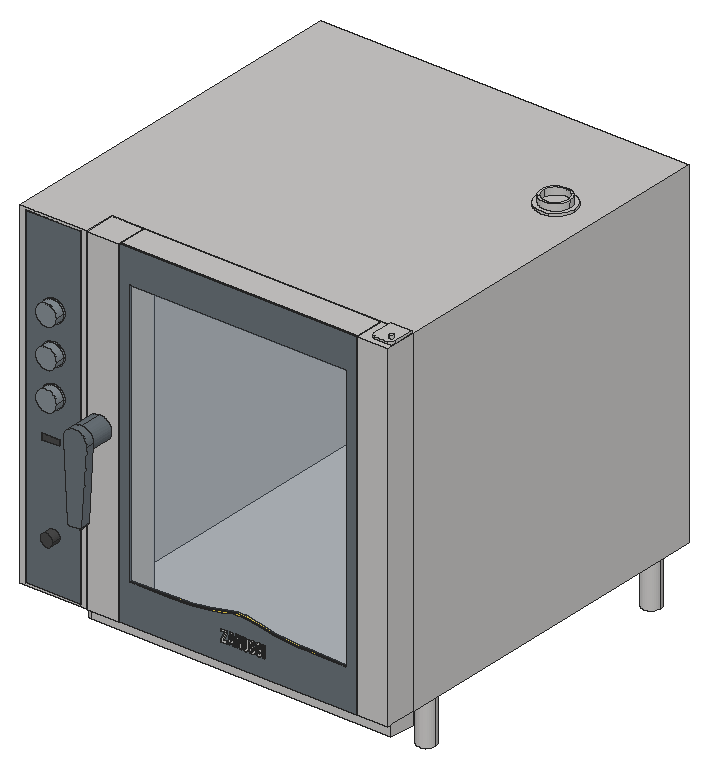
Revit family "QF_ZANUSSI_240454_ZFCE11CSDS", category Specialty Equipment, Revit 2023
Family settings
  Round Connector Dimension = Use Diameter
  Part Type = Normal
  Work Plane-Based = No
  Enable Cutting in Views = No
  Always vertical = Yes
  Cut with Voids When Loaded = No
  Maintain Annotation Orientation = No
  Shared = No
  Room Calculation Point = No
Parameters (values of type "Standard")
  Weight = 121.20 kg
  Watts = 0 W
  Volts = 380 V
  URL Manufacturer = "http://www.zanussiprofessional.com"
  URL = "http://www.zanussiprofessional.com"
  Steam Supply Size = 0 mm
  Steam Supply Minimum Pressure = 0.0 Pa
  Steam Supply Maximum Pressure = 0.0 Pa
  Steam Consumption per Hour = 0
  Show Logo [instance] = yes
  Show Clearance [instance] = yes
  Refrigeration Suction Line Size = 0 mm
  Refrigeration Liquid Line Size = 0 mm
  Refrigerant Compressor Remote = yes
  Default Elevation = 0 mm
  Manufacturer = "Zanussi"
  Phase = 3
  Model = "ZFCE11CSDS"
  Length Actual = 890 mm
  Item Number = "240454"
  Hot Water Size = 0 mm
  Height Actual = 970 mm
  HP = "23.2 HP"
  Gas Size = 12.7 mm
  Gas KW = 0
  Gas Input Pressure = 0.0585289 W
  Direct Waste Size = 25 mm
  Description = "CONVECTION OVEN CW 10 GN 1/1 - ELECTRIC"
  Depth Actual = 900 mm
  Cycle = 50 Hz
  Condensate Return Size = 0 mm
  Compressed Air Volume = 0.0 L/s
  Compressed Air Size = 0 mm
  Compressed Air Pressure = 0.0 Pa
  Cold Water Size = 19.05 mm
  Accessory = no
Reference planes
  plane 1 "Center X": y = 96.351
  plane 2: z = 0
  plane 3 "Center Y": x = -330
  plane 4 "LEFT": x = -775
  plane 5 "BACK": y = 551.351
  plane 6 "RIGHT": x = 115
  plane 7 "FRONT": y = -358.649
  plane 8 "FeetLeft": x = -725
  plane 9: y = 501.351
  plane 10 "DoorDepth": y = -283.649
  plane 11 "FeetRight": x = 65
  plane 12 "BASE": z = 130
  plane 13 "TOP": z = 950
  plane 14: z = 0
  plane 15 "1": y = 274.351
  plane 16 "FeetFront": y = -178.649
  plane 17: z = 1018
  plane 18: y = -433.649
  plane 19 "Drain_X": x = -349
  plane 20 "Drain_Y": y = 256.351
  plane 21 "EI_x": x = -676
  plane 22 "EI_y": y = -99.649
  plane 23 "CWI_x": x = -659
  plane 24: y = -1044.649
  plane 25: y = 72.351
  plane 26: x = 15
Forms (mm)
  Extrusion 1, solid, material "QF_Finishes_Stainless Steel"
    sketch origin (0, 73.5, 130) x (-1, 0, 0) y (0, -1, 0)
      loop
        circle (659, 1.149) r 13.2
    from -5 to 0
  Extrusion 2, solid, material "QF_Finishes_Stainless Steel"
    sketch origin (0, 57.5, 130) x (-1, 0, 0) y (0, -1, 0)
      loop
        circle (676, 157.149) r 13.25
    from -5 to 0
  Extrusion 3, solid, material "QF_Finishes_Stainless Steel"
    sketch origin (89, -125, 130) x (-1, 0, 0) y (0, -1, 0)
      loop
        circle (438, -381.351) r 13.25
    from -5 to 0
  Extrusion 4, solid, material "QF_Finishes_Black"
    sketch origin (0, -358.649, 77) x (-1, 0, 0) y (0, 0, 1)
      loop
        circle (693.941, 183.023) r 15
    from 0 to -20
  Extrusion 5, solid, material "QF_Finishes_Zanussi_Soft Gray"
    sketch origin (0, -358.649, -96) x (-1, 0, 0) y (0, 0, 1)
      loop
        circle (693, 845.824) r 26.676
    from 0 to -3
  Blend 6, solid, material "QF_Finishes_Zanussi_Soft Gray"
    base sketch origin (0, -358.649, -96) x (-1, 0, 0) y (0, 0, 1)
      loop
        circle (693, 845.824) r 25
    top sketch origin (0, -358.649, -96) x (-1, 0, 0) y (0, 0, 1)
      loop
        circle (693, 845.824) r 24.8
    from -3 to -23
  Extrusion 7, solid, material "QF_Finishes_Zanussi_Soft Gray"
    sketch origin (0, -358.649, -105) x (-1, 0, 0) y (0, 0, 1)
      loop
        circle (693, 760.824) r 26.676
    from 0 to -3
  Blend 8, solid, material "QF_Finishes_Zanussi_Soft Gray"
    base sketch origin (0, -358.649, -105) x (-1, 0, 0) y (0, 0, 1)
      loop
        circle (693, 760.824) r 25
    top sketch origin (0, -358.649, -105) x (-1, 0, 0) y (0, 0, 1)
      loop
        circle (693, 760.824) r 24.8
    from -3 to -23
  Extrusion 9, solid, material "QF_Finishes_Zanussi_Soft Gray"
    sketch origin (0, -358.649, 183) x (-1, 0, 0) y (0, 0, 1)
      loop
        circle (693, 380.824) r 26.676
    from 0 to -3
  Blend 10, solid, material "QF_Finishes_Zanussi_Soft Gray"
    base sketch origin (0, -358.649, 183) x (-1, 0, 0) y (0, 0, 1)
      loop
        circle (693, 380.824) r 25
    top sketch origin (0, -358.649, 183) x (-1, 0, 0) y (0, 0, 1)
      loop
        circle (693, 380.824) r 24.8
    from -3 to -23
  Extrusion 11, solid, material "QF_Finishes_Stainless Steel"
    sketch origin (0, 0, 130) x (-1, 0, 0) y (0, -1, 0)
      loop
        line (775, -551.351) -> (775, 358.649) -> (613, 358.649) -> (613, 283.649) -> (-115, 283.649) -> (-115, -551.351) -> (775, -551.351)
    from 820 to 0
  Extrusion 12, solid, material "QF_Finishes_Zanussi_Dark Gray"
    sketch origin (0, -358.649, 0) x (-1, 0, 0) y (0, 0, 1)
      loop
        line (760, 945) -> (628, 945) -> (628, 135) -> (760, 135) -> (760, 945)
      loop
        line (678.941, 475.023) -> (678.941, 460.023) -> (720.941, 460.023) -> (720.941, 475.023) -> (678.941, 475.023)
    from 0 to 5
  Extrusion 13, void
    sketch origin (0, -358.649, 0) x (-1, 0, 0) y (0, 0, 1)
      loop
        line (760, 945) -> (628, 945) -> (628, 135) -> (760, 135) -> (760, 945)
    from 0 to 5
  Extrusion 14, void
    sketch origin (0, -358.649, 0) x (-1, 0, 0) y (0, 0, 1)
      loop
        line (-87.826, 145) -> (610, 145) -> (610, 930) -> (-87.826, 930) -> (-87.826, 145)
    from 883.561 to 75
  Extrusion 15, solid, material "QF_Finishes_Black"
    sketch origin (-5, -358.649, 195) x (-1, 0, 0) y (0, 0, 1)
      loop
        line (715.941, 280.023) -> (673.941, 280.023) -> (673.941, 265.023) -> (715.941, 265.023) -> (715.941, 280.023)
    from 5 to 0
  Extrusion 16, solid, material "QF_Clearances", detail levels coarse
    sketch origin (0, 0, 0) x (1, 0, 0) y (0, 1, 0)
      loop
        line (-825, -358.649) -> (-775, -358.649) -> (-775, 551.351) -> (115, 551.351) -> (115, -358.649) -> (165, -358.649) -> (165, 601.351) -> (-825, 601.351) -> (-825, -358.649)
    from 950 to 0
  Extrusion 17, solid, material "QF_Finishes_Stainless Steel"
    sketch origin (0, 0, 950) x (-1, 0, 0) y (0, -1, 0)
      loop
        circle (-15, -274.351) r 45
    from 5 to 0
  Extrusion 18, solid, material "QF_Finishes_Stainless Steel"
    sketch origin (0, 0, 950) x (-1, 0, 0) y (0, -1, 0)
      loop
        circle (-15, -274.351) r 35
      loop
        circle (-15, -274.351) r 30
    from 5 to 20.369
Cuts and joins
  Extrusion 13, Extrusion 14 cuts Extrusion 11
Lines and regions (mm)
  symbolic lines
    curve 1: line (-775, -358.649, 1620) -> (-775, 551.351, 1620)
    curve 2: line (-775, 551.351, 1620) -> (115, 551.351, 1620)
    curve 3: line (-613, -283.649, 1620) -> (115, -283.649, 1620)
    curve 4: line (-613, -283.649, 1620) -> (-613, -358.649, 1620)
    curve 5: line (-775, -358.649, 1620) -> (-613, -358.649, 1620)
    curve 6: line (-719.676, -361.649, 1620) -> (-666.324, -361.649, 1620)
    curve 7: line (-719.676, -361.649, 1620) -> (-719.676, -358.649, 1620)
    curve 8: line (-666.324, -361.649, 1620) -> (-666.324, -358.649, 1620)
    curve 9: line (115, 551.351, 1620) -> (115, -358.649, 1620)
    curve 10: line (-717.863, -381.649, 684) -> (-668.2, -381.649, 684)
    curve 11: line (-717.863, -381.649, 684) -> (-718, -361.649, 684)
    curve 12: line (-668.2, -381.649, 684) -> (-668, -361.649, 684)
    curve 18: circle (15, 274.351, 633) r 45 normal (0, 0, 1)
    curve 19: circle (15, 274.351, 633) r 35 normal (0, 0, 1)
    curve 20: circle (15, 274.351, 633) r 30 normal (0, 0, -1)
  symbolic lines, style "QF_Clearances", detail levels coarse
    curve 13: line (-825, -358.649, 0) -> (-825, 601.351, 0)
    curve 14: line (-825, 601.351, 0) -> (165, 601.351, 0)
    curve 15: line (165, 601.351, 0) -> (165, -358.649, 0)
    curve 16: line (165, -358.649, 0) -> (115, -358.649, 0)
    curve 17: line (-825, -358.649, 0) -> (-768.438, -358.649, 0)
Dimensions and locks
  equal spacing: plane 4 "LEFT", plane 3 "Center Y", plane 6 "RIGHT"
  equal spacing: plane 5 "BACK", plane 1 "Center X", plane 7 "FRONT"
  plane 12 "BASE" to plane 14 = 130 mm
  plane 13 "TOP" to plane 12 "BASE" = 820 mm
  plane 13 "TOP" to plane 14 = 950 mm
  plane 5 "BACK" to plane 9 = 50 mm
  plane 9 to plane 16 "FeetFront" = 680 mm
  locked: plane 16 "FeetFront" to plane 7 "FRONT" at 180
  plane 17 to plane 13 "TOP" to plane 12 "BASE" to level = 68 mm, 820 mm, 130 mm
  plane 17 to level = 1018 mm  (x2)
  plane 7 "FRONT" to plane 18 = 75 mm
  plane 5 "BACK" to plane 20 "Drain_Y" = 295 mm
  plane 4 "LEFT" to plane 19 "Drain_X" = 426 mm
  locked: plane 4 "LEFT" to plane 21 "EI_x" at 99
  plane 5 "BACK" to plane 22 "EI_y" = 651 mm
  plane 4 "LEFT" to plane 23 "CWI_x" = 116 mm
  plane 5 "BACK" to plane 15 "1" = 277 mm
  plane 5 "BACK" to plane 24 = 1596 mm
  plane 5 "BACK" to plane 25 = 479 mm
  locked: plane 10 "DoorDepth" to plane 7 "FRONT" at 75
  plane 8 "FeetLeft" to plane 4 "LEFT" = 50 mm
  plane 6 "RIGHT" to plane 11 "FeetRight" = 50 mm
  plane 11 "FeetRight" to plane 8 "FeetLeft" = 790 mm
  plane 5 "BACK" to plane 7 "FRONT" = 910 mm
  plane 4 "LEFT" to plane 6 "RIGHT" = 890 mm
  plane 26 to plane 6 "RIGHT" = 100 mm
  aligned and locked: level to plane 2
  aligned and locked: plane 12 "BASE" to nested 1
  aligned and locked: plane 12 "BASE" to nested 2
  aligned and locked: plane 12 "BASE" to nested 4
  aligned and locked: plane 12 "BASE" to nested 3
  aligned and locked: nested 5 to plane 10 "DoorDepth"
  aligned and locked: nested 5 to plane 12 "BASE"
  aligned and locked: plane 6 "RIGHT" to nested 5
  aligned and locked: plane 8 "FeetLeft" to nested 4
  aligned and locked: plane 11 "FeetRight" to nested 2
  aligned and locked: plane 11 "FeetRight" to nested 3
  aligned and locked: nested 4 to plane 9
  aligned and locked: nested 3 to plane 9
  aligned and locked: plane 16 "FeetFront" to nested 1
  aligned and locked: plane 16 "FeetFront" to nested 2
Automatic sketch dimensions
  Extrusion 2 sketch curve to plane 21 "EI_x" = 0 mm
  Extrusion 2 sketch curve to plane 22 "EI_y" = 0 mm
  Extrusion 3 sketch curve to plane 19 "Drain_X" = 0 mm
  Extrusion 3 sketch curve to plane 20 "Drain_Y" = 0 mm
  plane 12 "BASE" to Extrusion 4 sketch curve = 130.023 mm
  Extrusion 5 sketch curve to plane 13 "TOP" = 200.176 mm
  Blend 6 sketch curve to plane 13 "TOP" = 200.176 mm  (x2)
  Extrusion 7 sketch curve to plane 13 "TOP" = 294.176 mm
  Blend 8 sketch curve to plane 13 "TOP" = 294.176 mm  (x2)
  plane 12 "BASE" to Extrusion 9 sketch curve = 433.824 mm
  plane 12 "BASE" to Blend 10 sketch curve = 433.824 mm  (x2)
  Extrusion 11 sketch curve to plane 5 "BACK" = 0 mm
  Extrusion 11 sketch curve to plane 6 "RIGHT" = 0 mm
  Extrusion 11 sketch curve to plane 10 "DoorDepth" = 0 mm
  Extrusion 11 sketch curve to plane 7 "FRONT" = 0 mm
  Extrusion 11 sketch curve to plane 4 "LEFT" = 0 mm
  plane 21 "EI_x" to Extrusion 11 sketch curve = 63 mm
  Extrusion 13 sketch curve to plane 13 "TOP" = 5 mm
  plane 21 "EI_x" to Extrusion 13 sketch curve = 48 mm
  Extrusion 13 sketch curve to plane 8 "FeetLeft" = 35 mm
  plane 12 "BASE" to Extrusion 13 sketch curve = 5 mm
  Extrusion 14 sketch curve to plane 13 "TOP" = 20 mm
  plane 11 "FeetRight" to Extrusion 14 sketch curve = 22.826 mm
  plane 21 "EI_x" to Extrusion 14 sketch curve = 66 mm
  plane 12 "BASE" to Extrusion 14 sketch curve = 15 mm
  Extrusion 12 sketch curve to plane 13 "TOP" = 5 mm
  plane 21 "EI_x" to Extrusion 12 sketch curve = 48 mm
  Extrusion 12 sketch curve to plane 21 "EI_x" = 2.941 mm
  plane 8 "FeetLeft" to Extrusion 12 sketch curve = 4.059 mm
  plane 4 "LEFT" to Extrusion 12 sketch curve = 15 mm
  plane 12 "BASE" to Extrusion 12 sketch curve = 345.023 mm
  Extrusion 12 sketch curve to Extrusion 12 sketch curve = 15 mm
  plane 12 "BASE" to Extrusion 12 sketch curve = 5 mm
  Extrusion 15 sketch curve to plane 21 "EI_x" = 2.941 mm
  plane 8 "FeetLeft" to Extrusion 15 sketch curve = 4.059 mm
  plane 12 "BASE" to Extrusion 15 sketch curve = 330.023 mm
  Extrusion 15 sketch curve to Extrusion 15 sketch curve = 15 mm
  curve 3 to plane 10 "DoorDepth" = 0 mm
  curve 5 to plane 7 "FRONT" = 0 mm
  curve 2 to plane 4 "LEFT" = 0 mm
  curve 1 to plane 5 "BACK" = 0 mm
  plane 21 "EI_x" to curve 3 = 63 mm
  curve 8 to plane 7 "FRONT" = 3 mm
  plane 21 "EI_x" to curve 8 = 9.676 mm
  plane 8 "FeetLeft" to curve 6 = 5.324 mm
  curve 9 to plane 6 "RIGHT" = 0 mm
  curve 9 to plane 7 "FRONT" = 0 mm
  Extrusion 16 sketch curve to plane 7 "FRONT" = 0 mm  (x2)
  Extrusion 16 sketch curve to plane 4 "LEFT" = 0 mm
  Extrusion 16 sketch curve to plane 5 "BACK" = 0 mm
  Extrusion 16 sketch curve to plane 6 "RIGHT" = 0 mm
  Extrusion 16 sketch curve to Extrusion 16 sketch curve = 50 mm
  plane 6 "RIGHT" to Extrusion 16 sketch curve = 50 mm
  plane 5 "BACK" to Extrusion 16 sketch curve = 50 mm
  Extrusion 1 sketch curve to plane 23 "CWI_x" = 0 mm
  Extrusion 1 sketch curve to plane 25 = 0 mm
  curve 13 to plane 7 "FRONT" = 0 mm
  curve 16 to plane 6 "RIGHT" = 0 mm
  curve 16 to plane 7 "FRONT" = 0 mm
  curve 17 to plane 4 "LEFT" = 50 mm
  plane 6 "RIGHT" to curve 15 = 50 mm
  plane 5 "BACK" to curve 14 = 50 mm
  plane 4 "LEFT" to curve 17 = 6.562 mm
  plane 21 "EI_x" to curve 12 = 7.8 mm
  curve 12 to plane 7 "FRONT" = 23 mm
  curve 12 to plane 7 "FRONT" = 3 mm
  plane 21 "EI_x" to curve 12 = 8 mm
  plane 8 "FeetLeft" to curve 11 = 7.137 mm
  curve 11 to plane 7 "FRONT" = 3 mm
  plane 8 "FeetLeft" to curve 11 = 7 mm
  Extrusion 4 sketch curve to plane 21 "EI_x" = 17.941 mm
  Extrusion 5 sketch curve to plane 21 "EI_x" = 17 mm
  Blend 6 sketch curve to plane 21 "EI_x" = 17 mm  (x2)
  Extrusion 7 sketch curve to plane 21 "EI_x" = 17 mm
  Blend 8 sketch curve to plane 21 "EI_x" = 17 mm  (x2)
  Extrusion 9 sketch curve to plane 21 "EI_x" = 17 mm
  Blend 10 sketch curve to plane 21 "EI_x" = 17 mm  (x2)
  curve 18 to curve 19 = 0 mm  (x2)
  curve 18 to curve 20 = 0 mm  (x2)
  curve 19 to curve 20 = 0 mm  (x2)
  curve 19 to plane 15 "1" = 0 mm
  curve 19 to plane 26 = 0 mm
  Extrusion 18 sketch curve to Extrusion 18 sketch curve = 0 mm  (x2)
  Extrusion 18 sketch curve to plane 15 "1" = 0 mm
  Extrusion 18 sketch curve to plane 26 = 0 mm
  Extrusion 17 sketch curve to plane 15 "1" = 0 mm
  Extrusion 17 sketch curve to plane 26 = 0 mm
  radius of Extrusion 2 sketch curve = 13.25 mm
  radius of Extrusion 3 sketch curve = 13.25 mm
  radius of Extrusion 4 sketch curve = 15 mm
  radius of Extrusion 5 sketch curve = 26.676 mm
  radius of Blend 6 sketch curve = 25 mm
  radius of Blend 6 sketch curve = 24.8 mm
  radius of Extrusion 7 sketch curve = 26.676 mm
  radius of Blend 8 sketch curve = 25 mm
  radius of Blend 8 sketch curve = 24.8 mm
  radius of Extrusion 9 sketch curve = 26.676 mm
  radius of Blend 10 sketch curve = 25 mm
  radius of Blend 10 sketch curve = 24.8 mm
  radius of Extrusion 1 sketch curve = 13.2 mm
  radius of curve 18 = 45 mm
  radius of curve 19 = 35 mm
  radius of curve 20 = 30 mm
  radius of Extrusion 18 sketch curve = 35 mm
  radius of Extrusion 18 sketch curve = 30 mm
  radius of Extrusion 17 sketch curve = 45 mm
Nested families
  nested 1: "Foot" at (-725, -178.649, 0), type "Foot"
    with Ø 22 mm, H 130 mm
  nested 2: "Foot" at (65, -178.649, 0), type "Foot"
    with Ø 22 mm, H 130 mm
  nested 3: "Foot" at (65, 501.351, 0), type "Foot"
    with Ø 22 mm, H 130 mm
  nested 4: "Foot" at (-725, 501.351, 0), type "Foot"
    with Ø 22 mm, H 130 mm
  nested 5: "ZAN_DOOR_CROSSWISE_H820" at (115, -286.649, 0), type "ZAN_DOOR_CROSSWISE_H820"
    with Show Clearance yes
Connectors
  piping at (-349, 256.351, 125), diameter 25, driven by "Direct Waste Size"
    settings: on Extrusion 3, index 6, connector inside diameter 609.6 mm, connector length 0 mm, flow factor 0, pipe flow 0.0 L/s, pressure drop 0.0 Pa, fitting loss kfactor 0, connector angle 0.00°, fixture units 0, engagement length 0 mm, angle of deflection 0.00°, flow configuration 0, flow direction 2, fitting loss method 0, system type 16, joint type 0, gender type 0, connector reference index -1, connector utility 0, adjustable connector no, is connector primary yes, connector description "Drain"
  electrical at (-676, -99.649, 125)
    settings: on Extrusion 2, index 7, voltage 0 V, apparent load 0 VA, apparent load phase1 0 VA, apparent load phase2 0 VA, apparent load phase3 0 VA, power factor 1, load classification "Altro", number of poles 1, system type 30, power factor state 1, is connector primary yes, connector utility no, sub classification motor no, connector description "Electrical Connection"
  piping at (-659, 72.351, 125), diameter 19.05, driven by "Cold Water Size"
    settings: on Extrusion 1, index 8, connector inside diameter 609.6 mm, connector length 0 mm, flow factor 0, pipe flow 0.0 L/s, pressure drop 0.0 Pa, fitting loss kfactor 0, connector angle 0.00°, fixture units 0, engagement length 0 mm, angle of deflection 0.00°, flow configuration 0, flow direction 1, fitting loss method 0, system type 20, joint type 0, gender type 0, connector reference index -1, connector utility 0, adjustable connector no, is connector primary no, connector description "Cold Water Inlet"
Definition of nested family "Foot"
  Parameters
    Ø [instance] = 20 mm
    Default Elevation = 0 mm
    H [instance] = 50 mm
  Reference planes
    plane 1 "Centro (Fronte/Retro)": y = 0
    plane 2: z = 0
    plane 3 "Centro (Sinistra/Destra)": x = 0
    plane 4: z = 50
  Forms (mm)
    Revolve 1, solid
      sketch origin (255.05, 0, 608.09) x (0, 0, 1) y (-1, 0, 0)
        loop
          line (-608.09, 255.05) -> (-608.09, 235.05) -> (-558.09, 235.05) -> (-558.09, 255.05) -> (-608.09, 255.05)
        axis (-608.09, 255.05) -> (-558.09, 255.05)
      angle from 0 to 360
  Dimensions and locks
    "H": plane 4 to plane 2
    "Ø": Revolve 1 sketch curve to Revolve 1 sketch curve
    aligned and locked: level to plane 2
    aligned and locked: plane 4 to Revolve 1 sketch curve
    aligned and locked: Revolve 1 sketch curve to level
    aligned and locked: plane 3 "Centro (Sinistra/Destra)" to Revolve 1 sketch curve
  Automatic sketch dimensions
    Revolve 1 sketch curve to plane 3 "Centro (Sinistra/Destra)" = 0 mm
    Revolve 1 sketch curve to Revolve 1 sketch curve = 50 mm
    Revolve 1 sketch curve to Revolve 1 sketch curve = 20 mm
Definition of nested family "ZAN_DOOR_CROSSWISE_H820"
  Parameters (values of type "ZAN_DOOR_CROSSWISE_H820")
    sp_Lama = 5 mm
    Z_Maniglia = 405 mm
    W_Door = 725 mm
    Show Clearance [instance] = yes
    Default Elevation = 0 mm
    H_Feet = 130 mm
    H_FasciaTop = 75 mm
    H_Door = 820 mm
    W_fasce = 75 mm
    Direct Waste Size = 25 mm
  Reference planes
    plane 1 "Center (Front/Back)": y = 3
    plane 2: z = 0
    plane 3 "Center (Left/Right)": x = 0
    plane 4 "Top": z = 950
    plane 5 "Feet": z = 130
    plane 6 "Front": y = -72
    plane 7: z = 945
    plane 8: z = 870
    plane 9: x = -625
    plane 10: x = -75
    plane 11: x = -725
    plane 12: x = -650
    plane 13: x = -100
    plane 14: x = -649
    plane 15: x = -76
    plane 16: z = 154
    plane 17: z = 535
    plane 18: x = -697
  Forms (mm)
    Extrusion 1, solid
      sketch origin (0, -72, 0) x (0, 0, -1) y (-1, 0, 0)
        loop
          line (-950, 725) -> (-950, 650) -> (-130, 650) -> (-130, 725) -> (-950, 725)
        loop
          line (-950, 0) -> (-130, 0) -> (-130, 75) -> (-950, 75) -> (-950, 0)
      from 0 to 75
    Extrusion 2, solid
      sketch origin (0, -72, 0) x (0, 0, -1) y (-1, 0, 0)
        loop
          line (-226.277, 625) -> (-870, 625) -> (-870, 100) -> (-226.277, 100) -> (-226.277, 179.596) -> (-226.464, 194.035) -> (-226.816, 214.136)
          arc (-226.816, 214.136) -> (-227.121, 224.207) -> (-227.693, 234.266) r 381.251
          arc (-227.693, 234.266) -> (-229.438, 254.344) -> (-232.142, 274.315) r 421.149
          arc (-232.142, 274.315) -> (-235.022, 290.185) -> (-238.297, 305.979) r 647.683
          arc (-238.297, 305.979) -> (-241.149, 319.693) -> (-243.677, 333.471) r 593.178
          arc (-243.677, 333.471) -> (-244.098, 337.378) -> (-244.435, 341.294) r 181.693
          arc (-244.435, 341.294) -> (-244.748, 347.295) -> (-244.843, 353.303) r 166.118
          arc (-244.843, 353.303) -> (-244.747, 359.31) -> (-244.433, 365.309) r 166.118
          arc (-244.433, 365.309) -> (-244.097, 369.204) -> (-243.677, 373.091) r 181.693
          arc (-243.677, 373.091) -> (-241.149, 386.869) -> (-238.297, 400.583) r 593.179
          arc (-238.297, 400.583) -> (-235.025, 416.365) -> (-232.147, 432.223) r 647.683
          arc (-232.147, 432.223) -> (-229.444, 452.168) -> (-227.698, 472.219) r 421.148
          arc (-227.698, 472.219) -> (-227.123, 482.317) -> (-226.816, 492.426) r 381.251
          line (-226.816, 492.426) -> (-226.464, 512.527) -> (-226.277, 526.966) -> (-226.277, 625)
        loop
          line (-130, 76) -> (-130, 649) -> (-950, 649) -> (-950, 76) -> (-130, 76)
      from 0 to 5
    Extrusion 3, void
      sketch origin (-100, -72, 0) x (-1, 0, 0) y (0, 0, 1)
        loop
          line (288.603, 173.973) -> (303.509, 173.973) -> (303.509, 179.706) -> (295.318, 196.905) -> (302.853, 196.741) -> (302.853, 201.982) -> (288.603, 201.982) -> (288.603, 197.232) -> (297.201, 179.706) -> (288.603, 179.706) -> (288.603, 173.973)
        loop
          line (280.375, 184.456) -> (278.737, 197.195) -> (277.1, 184.456) -> (280.375, 184.456)
        loop
          line (281.849, 173.973) -> (287.746, 173.973) -> (282.669, 201.982) -> (274.806, 201.982) -> (269.565, 173.973) -> (275.461, 173.973) -> (276.281, 179.378) -> (281.031, 179.378) -> (281.849, 173.973)
        loop
          line (268.839, 201.982) -> (262.778, 201.982) -> (258.028, 184.128) -> (258.028, 201.982) -> (252.786, 201.982) -> (252.786, 173.973) -> (259.011, 173.973) -> (263.761, 192.482) -> (263.761, 173.973) -> (268.839, 173.973) -> (268.839, 201.982)
        loop
          line (251.476, 180.9) -> (251.476, 201.982) -> (245.743, 201.982) -> (245.743, 180.689)
          arc (245.743, 180.689) -> (243.81, 179.443) -> (242.303, 181.18) r 1.755
          line (242.303, 181.18) -> (242.303, 201.982) -> (236.57, 201.982) -> (236.57, 179.87)
          arc (236.57, 179.87) -> (244.469, 173.928) -> (251.476, 180.9) r 7.548
        loop
          line (225.923, 193.137) -> (225.923, 196.183)
          arc (225.923, 196.183) -> (228.232, 197.801) -> (229.849, 195.492) r 1.993
          arc (229.849, 195.492) -> (229.394, 194.205) -> (228.544, 193.137) r 4.132
          line (228.544, 193.137) -> (222.261, 187.482)
          arc (222.261, 187.482) -> (220.244, 183.234) -> (220.358, 178.532) r 10.152
          arc (220.358, 178.532) -> (226.648, 173.979) -> (234.116, 176.106) r 8.889
          arc (234.116, 176.106) -> (235.696, 179.791) -> (235.751, 183.801) r 10.311
          line (235.751, 183.801) -> (230.033, 183.801)
          arc (230.033, 183.801) -> (230.009, 183.099) -> (230.033, 182.396) r 10.165
          arc (230.033, 182.396) -> (230.059, 181.653) -> (230.033, 180.91) r 10.759
          arc (230.033, 180.91) -> (229.7, 179.855) -> (228.922, 179.068) r 2.359
          arc (228.922, 179.068) -> (226.339, 179.656) -> (226.065, 182.291) r 2.275
          arc (226.065, 182.291) -> (227.174, 183.799) -> (228.6, 185.01) r 8.056
          line (228.6, 185.01) -> (231.016, 187.151)
          arc (231.016, 187.151) -> (233.167, 189.4) -> (234.919, 191.972) r 18.895
          arc (234.919, 191.972) -> (235.183, 196.623) -> (233.05, 200.765) r 8.857
          arc (233.05, 200.765) -> (227.818, 202.471) -> (222.586, 200.765) r 8.876
          arc (222.586, 200.765) -> (220.806, 198.522) -> (220.429, 195.684) r 5.378
          line (220.429, 195.684) -> (220.518, 193.137) -> (225.923, 193.137)
        loop
          line (209.587, 193.137) -> (209.587, 196.183)
          arc (209.587, 196.183) -> (211.896, 197.801) -> (213.513, 195.492) r 1.993
          arc (213.513, 195.492) -> (213.058, 194.205) -> (212.208, 193.137) r 4.132
          line (212.208, 193.137) -> (205.924, 187.482)
          arc (205.924, 187.482) -> (203.908, 183.234) -> (204.022, 178.532) r 10.152
          arc (204.022, 178.532) -> (210.312, 173.979) -> (217.779, 176.106) r 8.889
          arc (217.779, 176.106) -> (219.36, 179.791) -> (219.415, 183.801) r 10.311
          line (219.415, 183.801) -> (213.696, 183.801)
          arc (213.696, 183.801) -> (213.672, 183.099) -> (213.696, 182.396) r 10.165
          arc (213.696, 182.396) -> (213.722, 181.653) -> (213.696, 180.91) r 10.759
          arc (213.696, 180.91) -> (213.363, 179.855) -> (212.586, 179.068) r 2.359
          arc (212.586, 179.068) -> (210.003, 179.656) -> (209.729, 182.291) r 2.275
          arc (209.729, 182.291) -> (210.837, 183.799) -> (212.264, 185.01) r 8.056
          line (212.264, 185.01) -> (214.679, 187.151)
          arc (214.679, 187.151) -> (216.83, 189.4) -> (218.583, 191.972) r 18.895
          arc (218.583, 191.972) -> (218.847, 196.623) -> (216.714, 200.765) r 8.857
          arc (216.714, 200.765) -> (211.482, 202.471) -> (206.25, 200.765) r 8.876
          arc (206.25, 200.765) -> (204.469, 198.522) -> (204.093, 195.684) r 5.378
          line (204.093, 195.684) -> (204.182, 193.137) -> (209.587, 193.137)
        loop
          line (202.992, 201.982) -> (197.259, 201.982) -> (197.259, 173.973) -> (202.992, 173.973) -> (202.992, 201.982)
      from 0 to 2
    Extrusion 4, solid
      sketch origin (0, -72, 0) x (0, 0, -1) y (-1, 0, 0)
        loop
          line (-173.973, 388.603) -> (-173.973, 403.509) -> (-179.706, 403.509) -> (-196.905, 395.318) -> (-196.741, 402.853) -> (-201.982, 402.853) -> (-201.982, 388.603) -> (-197.232, 388.603) -> (-179.706, 397.201) -> (-179.706, 388.603) -> (-173.973, 388.603)
        loop
          line (-184.456, 380.375) -> (-197.195, 378.737) -> (-184.456, 377.1) -> (-184.456, 380.375)
        loop
          line (-173.973, 381.849) -> (-173.973, 387.746) -> (-201.982, 382.669) -> (-201.982, 374.806) -> (-173.973, 369.565) -> (-173.973, 375.461) -> (-179.378, 376.281) -> (-179.378, 381.031) -> (-173.973, 381.849)
        loop
          line (-201.982, 368.839) -> (-201.982, 362.778) -> (-184.128, 358.028) -> (-201.982, 358.028) -> (-201.982, 352.786) -> (-173.973, 352.786) -> (-173.973, 359.011) -> (-192.482, 363.761) -> (-173.973, 363.761) -> (-173.973, 368.839) -> (-201.982, 368.839)
        loop
          line (-180.9, 351.476) -> (-201.982, 351.476) -> (-201.982, 345.743) -> (-180.689, 345.743)
          arc (-180.689, 345.743) -> (-179.443, 343.81) -> (-181.18, 342.303) r 1.755
          line (-181.18, 342.303) -> (-201.982, 342.303) -> (-201.982, 336.57) -> (-179.87, 336.57)
          arc (-179.87, 336.57) -> (-173.928, 344.469) -> (-180.9, 351.476) r 7.548
        loop
          line (-193.137, 325.923) -> (-196.183, 325.923)
          arc (-196.183, 325.923) -> (-197.801, 328.232) -> (-195.492, 329.849) r 1.993
          arc (-195.492, 329.849) -> (-194.205, 329.394) -> (-193.137, 328.544) r 4.132
          line (-193.137, 328.544) -> (-187.482, 322.261)
          arc (-187.482, 322.261) -> (-183.234, 320.244) -> (-178.532, 320.358) r 10.152
          arc (-178.532, 320.358) -> (-173.979, 326.648) -> (-176.106, 334.116) r 8.889
          arc (-176.106, 334.116) -> (-179.791, 335.696) -> (-183.801, 335.751) r 10.311
          line (-183.801, 335.751) -> (-183.801, 330.033)
          arc (-183.801, 330.033) -> (-183.099, 330.009) -> (-182.396, 330.033) r 10.165
          arc (-182.396, 330.033) -> (-181.653, 330.059) -> (-180.91, 330.033) r 10.759
          arc (-180.91, 330.033) -> (-179.855, 329.7) -> (-179.068, 328.922) r 2.359
          arc (-179.068, 328.922) -> (-179.656, 326.339) -> (-182.291, 326.065) r 2.275
          arc (-182.291, 326.065) -> (-183.799, 327.174) -> (-185.01, 328.6) r 8.056
          line (-185.01, 328.6) -> (-187.151, 331.016)
          arc (-187.151, 331.016) -> (-189.4, 333.167) -> (-191.972, 334.919) r 18.895
          arc (-191.972, 334.919) -> (-196.623, 335.183) -> (-200.765, 333.05) r 8.857
          arc (-200.765, 333.05) -> (-202.471, 327.818) -> (-200.765, 322.586) r 8.876
          arc (-200.765, 322.586) -> (-198.522, 320.806) -> (-195.684, 320.429) r 5.378
          line (-195.684, 320.429) -> (-193.137, 320.518) -> (-193.137, 325.923)
        loop
          line (-193.137, 309.587) -> (-196.183, 309.587)
          arc (-196.183, 309.587) -> (-197.801, 311.896) -> (-195.492, 313.513) r 1.993
          arc (-195.492, 313.513) -> (-194.205, 313.058) -> (-193.137, 312.208) r 4.132
          line (-193.137, 312.208) -> (-187.482, 305.924)
          arc (-187.482, 305.924) -> (-183.234, 303.908) -> (-178.532, 304.022) r 10.152
          arc (-178.532, 304.022) -> (-173.979, 310.312) -> (-176.106, 317.779) r 8.889
          arc (-176.106, 317.779) -> (-179.791, 319.36) -> (-183.801, 319.415) r 10.311
          line (-183.801, 319.415) -> (-183.801, 313.696)
          arc (-183.801, 313.696) -> (-183.099, 313.672) -> (-182.396, 313.696) r 10.165
          arc (-182.396, 313.696) -> (-181.653, 313.722) -> (-180.91, 313.696) r 10.759
          arc (-180.91, 313.696) -> (-179.855, 313.363) -> (-179.068, 312.586) r 2.359
          arc (-179.068, 312.586) -> (-179.656, 310.003) -> (-182.291, 309.729) r 2.275
          arc (-182.291, 309.729) -> (-183.799, 310.837) -> (-185.01, 312.264) r 8.056
          line (-185.01, 312.264) -> (-187.151, 314.679)
          arc (-187.151, 314.679) -> (-189.4, 316.83) -> (-191.972, 318.583) r 18.895
          arc (-191.972, 318.583) -> (-196.623, 318.847) -> (-200.765, 316.714) r 8.857
          arc (-200.765, 316.714) -> (-202.471, 311.482) -> (-200.765, 306.25) r 8.876
          arc (-200.765, 306.25) -> (-198.522, 304.469) -> (-195.684, 304.093) r 5.378
          line (-195.684, 304.093) -> (-193.137, 304.182) -> (-193.137, 309.587)
        loop
          line (-201.982, 302.992) -> (-201.982, 297.259) -> (-173.973, 297.259) -> (-173.973, 302.992) -> (-201.982, 302.992)
      from 0 to 2
    Extrusion 5, solid
      sketch origin (0, -72, 0) x (0, 0, -1) y (-1, 0, 0)
        loop
          line (-945, 649) -> (-945, 625) -> (-154, 625) -> (-154, 100) -> (-945, 100) -> (-945, 76) -> (-130, 76) -> (-130, 649) -> (-945, 649)
      from 5 to 75
    Extrusion 6, solid
      sketch origin (0, -72, 0) x (0, 0, -1) y (-1, 0, 0)
        loop
          line (-945, 625) -> (-945, 100) -> (-154, 100) -> (-154, 625) -> (-945, 625)
      from 75 to 70
    Extrusion 7, solid
      sketch origin (0, -72, 0) x (0, 0, -1) y (-1, 0, 0)
        loop
          line (-945, 649) -> (-950, 649) -> (-950, 76) -> (-945, 76) -> (-945, 649)
      from 5 to 75
    Extrusion 8, solid
      sketch origin (-100, -72, -17) x (-1, 0, 0) y (0, 0, 1)
        loop
          arc (608.817, 368.345) -> (612.24, 369.7) -> (613.808, 373.032) r 5
          line (613.808, 373.032) -> (624.987, 551.163)
          arc (624.987, 551.163) -> (596.54, 579.996) -> (569.055, 550.244) r 28
          line (569.055, 550.244) -> (580.194, 373.003)
          arc (580.194, 373.003) -> (581.77, 369.69) -> (585.183, 368.345) r 5
          line (585.183, 368.345) -> (608.817, 368.345)
      from -55 to -75
    Extrusion 9, solid
      sketch origin (0, -72, 0) x (0, 0, -1) y (-1, 0, 0)
        loop
          circle (-535, 697) r 28
      from 0 to -55
    Extrusion 10, solid
      sketch origin (0, 0, 0) x (0, 1, 0) y (0, 0, 1)
        loop
          line (-62, 130) -> (-62, 105) -> (3, 100.455) -> (3, 130) -> (-62, 130)
      from -725 to 0
    Extrusion 11, solid
      sketch origin (0, 0, 950) x (0, -1, 0) y (1, 0, 0)
        loop
          circle (38.919, -17.1) r 5
      from 10 to 5
    Extrusion 12, solid
      sketch origin (0, 0, 950) x (0, -1, 0) y (1, 0, 0)
        loop
          line (-3, -52.67) -> (47, -52.67)
          arc (47, -52.67) -> (54.071, -49.741) -> (57, -42.67) r 10
          line (57, -42.67) -> (57, -12.67)
          arc (57, -12.67) -> (54.071, -5.598) -> (47, -2.67) r 10
          line (47, -2.67) -> (-3, -2.67) -> (-3, -52.67)
      from 5 to 0
    Extrusion 13, solid, detail levels coarse
      sketch origin (-100, 215.149, 0) x (1, 0, 0) y (0, 1, 0)
        loop
          line (100, -972.149) -> (100, -287.149) -> (-625.004, -287.149)
          arc (-625.004, -287.149) -> (-403.591, -778.978) -> (100, -972.149) r 708.043
      from 950 to 130
    Extrusion 14, solid
      sketch origin (0, -72, 0) x (0, 0, -1) y (-1, 0, 0)
        loop
          line (-870, 625) -> (-870, 100) -> (-226.277, 100) -> (-228.887, 193.987) -> (-229.313, 214.075)
          arc (-229.313, 214.075) -> (-229.647, 224.091) -> (-230.232, 234.096) r 398.755
          arc (-230.232, 234.096) -> (-232.012, 254.045) -> (-234.745, 273.886) r 418.492
          arc (-234.745, 273.886) -> (-237.493, 288.79) -> (-240.528, 303.64) r 786.502
          arc (-240.528, 303.64) -> (-243.753, 318.136) -> (-246.344, 332.759) r 340.705
          arc (-246.344, 332.759) -> (-247.057, 338.079) -> (-247.553, 343.424) r 132.002
          arc (-247.553, 343.424) -> (-247.817, 348.358) -> (-247.896, 353.299) r 132.002
          arc (-247.896, 353.299) -> (-247.815, 358.239) -> (-247.55, 363.173) r 132.002
          arc (-247.55, 363.173) -> (-247.055, 368.5) -> (-246.344, 373.803) r 132.002
          arc (-246.344, 373.803) -> (-243.753, 388.426) -> (-240.528, 402.923) r 340.705
          arc (-240.528, 402.923) -> (-237.495, 417.76) -> (-234.749, 432.652) r 786.502
          arc (-234.749, 432.652) -> (-232.016, 452.488) -> (-230.234, 472.433) r 418.492
          arc (-230.234, 472.433) -> (-229.647, 482.454) -> (-229.313, 492.487) r 398.755
          line (-229.313, 492.487) -> (-228.887, 512.575) -> (-226.277, 625) -> (-870, 625)
      from 0 to 5
    Extrusion 15, solid
      sketch origin (0, -72, 0) x (0, 0, -1) y (-1, 0, 0)
        loop
          line (-228.887, 512.575) -> (-229.313, 492.487)
          arc (-229.313, 492.487) -> (-229.647, 482.454) -> (-230.234, 472.433) r 398.755
          arc (-230.234, 472.433) -> (-232.016, 452.488) -> (-234.749, 432.652) r 418.492
          arc (-234.749, 432.652) -> (-237.495, 417.76) -> (-240.528, 402.923) r 786.502
          arc (-240.528, 402.923) -> (-243.753, 388.426) -> (-246.344, 373.803) r 340.705
          arc (-246.344, 373.803) -> (-247.055, 368.5) -> (-247.55, 363.173) r 132.002
          arc (-247.55, 363.173) -> (-247.815, 358.239) -> (-247.896, 353.299) r 132.002
          arc (-247.896, 353.299) -> (-247.817, 348.358) -> (-247.553, 343.424) r 132.002
          arc (-247.553, 343.424) -> (-247.057, 338.079) -> (-246.344, 332.759) r 132.002
          arc (-246.344, 332.759) -> (-243.753, 318.136) -> (-240.528, 303.64) r 340.705
          arc (-240.528, 303.64) -> (-237.493, 288.79) -> (-234.745, 273.886) r 786.502
          arc (-234.745, 273.886) -> (-232.012, 254.045) -> (-230.232, 234.096) r 418.492
          arc (-230.232, 234.096) -> (-229.647, 224.091) -> (-229.313, 214.075) r 398.755
          line (-229.313, 214.075) -> (-228.887, 193.987) -> (-226.277, 100) -> (-226.277, 179.596) -> (-226.464, 194.035) -> (-226.816, 214.136)
          arc (-226.816, 214.136) -> (-227.121, 224.207) -> (-227.693, 234.266) r 381.251
          arc (-227.693, 234.266) -> (-229.438, 254.344) -> (-232.142, 274.315) r 421.149
          arc (-232.142, 274.315) -> (-235.022, 290.185) -> (-238.297, 305.979) r 647.683
          arc (-238.297, 305.979) -> (-241.149, 319.693) -> (-243.677, 333.471) r 593.178
          arc (-243.677, 333.471) -> (-244.328, 338.674) -> (-244.808, 343.895) r 159.419
          arc (-244.808, 343.895) -> (-245.055, 348.594) -> (-245.149, 353.299) r 143.741
          arc (-245.149, 353.299) -> (-245.054, 358.003) -> (-244.805, 362.702) r 143.741
          arc (-244.805, 362.702) -> (-244.326, 367.906) -> (-243.677, 373.091) r 159.42
          arc (-243.677, 373.091) -> (-241.149, 386.869) -> (-238.297, 400.583) r 593.179
          arc (-238.297, 400.583) -> (-235.025, 416.365) -> (-232.147, 432.223) r 647.683
          arc (-232.147, 432.223) -> (-229.444, 452.168) -> (-227.698, 472.219) r 421.148
          arc (-227.698, 472.219) -> (-227.123, 482.317) -> (-226.816, 492.426) r 381.251
          line (-226.816, 492.426) -> (-226.464, 512.527) -> (-226.277, 526.966) -> (-226.277, 625) -> (-228.887, 512.575)
      from 0 to 5
  Cuts and joins
    Extrusion 3 cuts Extrusion 2
  Lines and regions (mm)
    symbolic lines
      curve 1: line (-724.987, -127, 0) -> (-661.987, -127, 0)
      curve 2: line (-724.987, -147, 0) -> (-724.987, -72.467, 0)
      curve 3: line (-661.987, -147, 0) -> (-724.987, -147, 0)
      curve 4: line (-661.987, -72.467, 0) -> (-661.987, -147, 0)
      curve 5: line (-724.996, 3, 0) -> (0, 3, 0)
      curve 6: line (-724.996, -72.467, 0) -> (-724.996, 3, 0)
      curve 7: line (0, -72.467, 0) -> (-724.996, -72.467, 0)
      curve 8: line (0, 3, 0) -> (0, -72.467, 0)
      curve 9: line (-625, -72.467, 0) -> (-625, 3, 0)
      curve 10: line (-75, -72.467, 0) -> (-75, 3, 0)
      curve 11: arc (-52.67, -47, 0) -> (-49.741, -54.071, 0) -> (-42.67, -57, 0) r 10
      curve 12: line (-42.67, -57, 0) -> (-12.67, -57, 0)
      curve 13: arc (-12.67, -57, 0) -> (-5.598, -54.071, 0) -> (-2.67, -47, 0) r 10
      curve 14: line (-2.67, -47, 0) -> (-2.67, 3, 0)
      curve 15: line (-52.67, 3, 0) -> (-52.67, -47, 0)
      curve 16: circle (-17.1, -38.919, 0) r 5 normal (0, 0, 1)
      curve 17: line (0, -745.041, 0) -> (0, -72.467, 0)
      curve 18: arc (-725.004, -72, 0) -> (-503.591, -563.829, 0) -> (0, -757, 0) r 708.043
  Dimensions and locks
    plane 1 "Center (Front/Back)" to plane 6 "Front" = 75 mm
    "H_Feet": plane 5 "Feet" to level
    "H_Door": plane 4 "Top" to plane 5 "Feet"
    "sp_Lama": plane 4 "Top" to plane 7
    "H_FasciaTop": plane 7 to plane 8
    "W_fasce": plane 11 to plane 12
    "W_fasce": plane 3 "Center (Left/Right)" to plane 10
    locked: plane 14 to plane 12 at 1
    plane 15 to plane 10 = 1 mm
    locked: plane 9 to plane 14 at 24
    locked: plane 15 to plane 13 at 24
    locked: plane 16 to plane 5 "Feet" at 24
    "Z_Maniglia": plane 17 to plane 5 "Feet"
    plane 11 to plane 18 = 28 mm
    "W_Door": plane 11 to plane 3 "Center (Left/Right)"
    aligned and locked: level to plane 2
    aligned and locked: Extrusion 7 to plane 7
    aligned and locked: plane 7 to Extrusion 6
    aligned and locked: plane 7 to Extrusion 5  (x2)
    aligned and locked: Extrusion 1 to plane 4 "Top"  (x2)
    aligned and locked: Extrusion 13 to plane 4 "Top"
    aligned and locked: Extrusion 7 to plane 4 "Top"
    aligned and locked: cut or joined group of Extrusion 2, Extrusion 3 to plane 4 "Top"
    aligned and locked: cut or joined group of Extrusion 2, Extrusion 3 to plane 8
    aligned and locked: plane 5 "Feet" to Extrusion 5
    aligned and locked: plane 5 "Feet" to Extrusion 13
    aligned and locked: plane 5 "Feet" to Extrusion 1  (x2)
    aligned and locked: plane 5 "Feet" to cut or joined group of Extrusion 2, Extrusion 3
    aligned and locked: Extrusion 5 to plane 14
    aligned and locked: plane 9 to Extrusion 5
    aligned and locked: plane 15 to Extrusion 5
    aligned and locked: Extrusion 5 to plane 13
    aligned and locked: Extrusion 1 to plane 11
    aligned and locked: plane 3 "Center (Left/Right)" to Extrusion 1
    aligned and locked: plane 12 to Extrusion 1
    aligned and locked: Extrusion 1 to plane 10
    aligned and locked: plane 16 to Extrusion 5
    aligned and locked: Extrusion 6 to plane 16
    aligned and locked: plane 3 "Center (Left/Right)" to Extrusion 10
    aligned and locked: plane 9 to cut or joined group of Extrusion 2, Extrusion 3
    aligned and locked: cut or joined group of Extrusion 2, Extrusion 3 to plane 13
    aligned and locked: plane 11 to Extrusion 10
    aligned and locked: Extrusion 14 sketch curve to plane 8
    aligned and locked: Extrusion 14 sketch curve to plane 9
    aligned and locked: Extrusion 14 sketch curve to plane 13
  Automatic sketch dimensions
    Extrusion 9 sketch curve to plane 17 = 0 mm
    Extrusion 9 sketch curve to plane 18 = 0 mm
    Extrusion 1 sketch curve to plane 4 "Top" = 0 mm  (x2)
    Extrusion 1 sketch curve to plane 3 "Center (Left/Right)" = 0 mm
    Extrusion 1 sketch curve to plane 5 "Feet" = 0 mm  (x2)
    plane 10 to Extrusion 1 sketch curve = 0 mm
    plane 12 to Extrusion 1 sketch curve = 0 mm
    plane 11 to Extrusion 1 sketch curve = 0 mm
    plane 16 to Extrusion 3 sketch curve = 47.982 mm  (x3)
    plane 13 to Extrusion 3 sketch curve = 197.259 mm
    Extrusion 3 sketch curve to Extrusion 3 sketch curve = 4.888 mm
    Extrusion 3 sketch curve to Extrusion 3 sketch curve = 5.704 mm
    Extrusion 3 sketch curve to Extrusion 3 sketch curve = 0.845 mm
    plane 16 to Extrusion 3 sketch curve = 41.684 mm  (x2)
    Extrusion 3 sketch curve to Extrusion 3 sketch curve = 1.947 mm  (x2)
    plane 16 to Extrusion 3 sketch curve = 39.137 mm  (x4)
    Extrusion 3 sketch curve to Extrusion 3 sketch curve = 0.089 mm  (x2)
    plane 16 to Extrusion 3 sketch curve = 33.482 mm  (x2)
    Extrusion 3 sketch curve to Extrusion 3 sketch curve = 1.743 mm
    Extrusion 3 sketch curve to Extrusion 3 sketch curve = 6.311 mm
    Extrusion 3 sketch curve to Extrusion 3 sketch curve = 5.327 mm  (x2)
    Extrusion 3 sketch curve to Extrusion 3 sketch curve = 0.024 mm  (x2)
    Extrusion 3 sketch curve to Extrusion 3 sketch curve = 0.143 mm  (x2)
    Extrusion 3 sketch curve to Extrusion 3 sketch curve = 0.597 mm  (x2)
    Extrusion 3 sketch curve to Extrusion 3 sketch curve = 2.07 mm  (x2)
    Extrusion 3 sketch curve to Extrusion 3 sketch curve = 1.298 mm  (x2)
    Extrusion 3 sketch curve to Extrusion 3 sketch curve = 1.366 mm  (x2)
    Extrusion 3 sketch curve to Extrusion 3 sketch curve = 0.362 mm  (x2)
    Extrusion 3 sketch curve to Extrusion 3 sketch curve = 0.15 mm  (x2)
    Extrusion 3 sketch curve to Extrusion 3 sketch curve = 0.726 mm  (x3)
    plane 16 to Extrusion 3 sketch curve = 31.01 mm  (x2)
    Extrusion 3 sketch curve to Extrusion 3 sketch curve = 0.409 mm  (x2)
    Extrusion 3 sketch curve to Extrusion 3 sketch curve = 1.432 mm  (x2)
    Extrusion 3 sketch curve to Extrusion 3 sketch curve = 2.132 mm  (x2)
    plane 16 to Extrusion 3 sketch curve = 33.151 mm  (x2)
    Extrusion 3 sketch curve to Extrusion 3 sketch curve = 2.415 mm  (x2)
    Extrusion 3 sketch curve to Extrusion 3 sketch curve = 2.892 mm  (x2)
    Extrusion 3 sketch curve to Extrusion 3 sketch curve = 6.932 mm
    Extrusion 3 sketch curve to Extrusion 3 sketch curve = 2.57 mm
    Extrusion 3 sketch curve to Extrusion 3 sketch curve = 0.116 mm
    Extrusion 3 sketch curve to Extrusion 3 sketch curve = 2.846 mm
    Extrusion 3 sketch curve to Extrusion 3 sketch curve = 4.422 mm  (x2)
    Extrusion 3 sketch curve to Extrusion 3 sketch curve = 1.773 mm
    Extrusion 3 sketch curve to Extrusion 3 sketch curve = 5.719 mm
    Extrusion 3 sketch curve to Extrusion 3 sketch curve = 3.505 mm
    Extrusion 3 sketch curve to Extrusion 3 sketch curve = 5.733 mm  (x3)
    Extrusion 3 sketch curve to Extrusion 3 sketch curve = 1.646 mm
    Extrusion 3 sketch curve to Extrusion 3 sketch curve = 0.109 mm
    Extrusion 3 sketch curve to Extrusion 3 sketch curve = 3.44 mm
    Extrusion 3 sketch curve to Extrusion 3 sketch curve = 1.311 mm
    Extrusion 3 sketch curve to Extrusion 3 sketch curve = 5.241 mm  (x2)
    Extrusion 3 sketch curve to Extrusion 3 sketch curve = 6.224 mm
    Extrusion 3 sketch curve to Extrusion 3 sketch curve = 4.75 mm  (x3)
    Extrusion 3 sketch curve to Extrusion 3 sketch curve = 6.061 mm
    plane 16 to Extrusion 3 sketch curve = 19.973 mm  (x2)
    Extrusion 3 sketch curve to Extrusion 3 sketch curve = 5.967 mm
    Extrusion 3 sketch curve to Extrusion 3 sketch curve = 5.897 mm  (x2)
    Extrusion 3 sketch curve to Extrusion 3 sketch curve = 0.819 mm  (x4)
    plane 16 to Extrusion 3 sketch curve = 43.195 mm
    Extrusion 3 sketch curve to Extrusion 3 sketch curve = 3.931 mm  (x2)
    Extrusion 3 sketch curve to Extrusion 3 sketch curve = 3.276 mm
    Extrusion 3 sketch curve to Extrusion 3 sketch curve = 0.856 mm
    plane 16 to Extrusion 3 sketch curve = 43.232 mm
    Extrusion 3 sketch curve to Extrusion 3 sketch curve = 5.934 mm
    plane 16 to Extrusion 3 sketch curve = 42.905 mm
    Extrusion 3 sketch curve to Extrusion 3 sketch curve = 6.716 mm
    plane 16 to Extrusion 3 sketch curve = 25.706 mm
    Extrusion 3 sketch curve to Extrusion 3 sketch curve = 8.598 mm
    plane 16 to Extrusion 3 sketch curve = 42.741 mm
    Extrusion 3 sketch curve to Extrusion 3 sketch curve = 7.535 mm
    Extrusion 3 sketch curve to Extrusion 3 sketch curve = 6.308 mm
    Extrusion 3 sketch curve to Extrusion 3 sketch curve = 0 mm  (x12)
    Extrusion 3 sketch curve to Extrusion 3 sketch curve = 13.509 mm
    Extrusion 3 sketch curve to Extrusion 3 sketch curve = 6.705 mm  (x2)
    Extrusion 3 sketch curve to Extrusion 3 sketch curve = 5.405 mm
    Extrusion 3 sketch curve to Extrusion 3 sketch curve = 1.565 mm
    Extrusion 3 sketch curve to Extrusion 3 sketch curve = 0.211 mm
    Extrusion 3 sketch curve to Extrusion 3 sketch curve = 3.938 mm  (x2)
    Extrusion 3 sketch curve to Extrusion 3 sketch curve = 0.05 mm  (x2)
    Extrusion 3 sketch curve to Extrusion 3 sketch curve = 0.093 mm  (x2)
    Extrusion 3 sketch curve to Extrusion 3 sketch curve = 5.829 mm
    Extrusion 3 sketch curve to Extrusion 3 sketch curve = 3.348 mm
    Extrusion 3 sketch curve to Extrusion 3 sketch curve = 0.356 mm  (x2)
    Extrusion 3 sketch curve to Extrusion 3 sketch curve = 1.568 mm  (x2)
    Extrusion 3 sketch curve to Extrusion 3 sketch curve = 1.163 mm
    Extrusion 3 sketch curve to Extrusion 3 sketch curve = 1.919 mm
    Extrusion 3 sketch curve to Extrusion 3 sketch curve = 2.148 mm
    Extrusion 3 sketch curve to Extrusion 3 sketch curve = 1.209 mm
    Extrusion 3 sketch curve to Extrusion 3 sketch curve = 3.228 mm
    Extrusion 3 sketch curve to Extrusion 3 sketch curve = 5.078 mm
    Extrusion 3 sketch curve to Extrusion 3 sketch curve = 9.5 mm
    Extrusion 3 sketch curve to Extrusion 3 sketch curve = 0.458 mm  (x2)
    Extrusion 3 sketch curve to Extrusion 3 sketch curve = 1.645 mm  (x2)
    Extrusion 3 sketch curve to Extrusion 3 sketch curve = 1.056 mm  (x2)
    Extrusion 3 sketch curve to Extrusion 3 sketch curve = 1.401 mm  (x2)
    Extrusion 3 sketch curve to Extrusion 3 sketch curve = 0.025 mm  (x2)
    Extrusion 3 sketch curve to Extrusion 3 sketch curve = 0.212 mm  (x2)
    Extrusion 3 sketch curve to Extrusion 3 sketch curve = 0.525 mm
    Extrusion 3 sketch curve to Extrusion 3 sketch curve = 0.692 mm
    Extrusion 3 sketch curve to Extrusion 3 sketch curve = 1.059 mm  (x2)
    Extrusion 3 sketch curve to Extrusion 3 sketch curve = 0.88 mm  (x2)
    Extrusion 3 sketch curve to Extrusion 3 sketch curve = 1.769 mm
    Extrusion 3 sketch curve to Extrusion 3 sketch curve = 3.52 mm
    plane 16 to Extrusion 4 sketch curve = 47.982 mm  (x2)
    Extrusion 4 sketch curve to Extrusion 4 sketch curve = 0 mm  (x16)
    Extrusion 4 sketch curve to Extrusion 4 sketch curve = 0.692 mm  (x2)
    Extrusion 4 sketch curve to Extrusion 4 sketch curve = 4.75 mm  (x5)
    Extrusion 4 sketch curve to Extrusion 4 sketch curve = 4.787 mm
    Extrusion 4 sketch curve to Extrusion 4 sketch curve = 0.328 mm
    Extrusion 4 sketch curve to Extrusion 4 sketch curve = 5.241 mm  (x2)
    Extrusion 4 sketch curve to Extrusion 4 sketch curve = 4.87 mm
    Extrusion 4 sketch curve to Extrusion 4 sketch curve = 5.561 mm
    Extrusion 4 sketch curve to Extrusion 4 sketch curve = 0.212 mm  (x2)
    Extrusion 4 sketch curve to Extrusion 4 sketch curve = 0.025 mm  (x2)
    Extrusion 4 sketch curve to Extrusion 4 sketch curve = 0.346 mm  (x2)
    Extrusion 4 sketch curve to Extrusion 4 sketch curve = 0.525 mm  (x3)
    Extrusion 4 sketch curve to Extrusion 4 sketch curve = 1.401 mm  (x2)
    Extrusion 4 sketch curve to Extrusion 4 sketch curve = 1.186 mm  (x2)
    Extrusion 4 sketch curve to Extrusion 4 sketch curve = 2.546 mm  (x2)
    Extrusion 4 sketch curve to Extrusion 4 sketch curve = 0.458 mm  (x2)
    Extrusion 4 sketch curve to Extrusion 4 sketch curve = 9.5 mm
    Extrusion 4 sketch curve to Extrusion 4 sketch curve = 5.655 mm  (x2)
    Extrusion 4 sketch curve to Extrusion 4 sketch curve = 5.986 mm  (x2)
    Extrusion 4 sketch curve to Extrusion 4 sketch curve = 2.141 mm  (x2)
    Extrusion 4 sketch curve to Extrusion 4 sketch curve = 12.739 mm
    Extrusion 4 sketch curve to Extrusion 4 sketch curve = 8.354 mm
    Extrusion 4 sketch curve to Extrusion 4 sketch curve = 3.681 mm
    Extrusion 4 sketch curve to Extrusion 4 sketch curve = 1.209 mm
    Extrusion 4 sketch curve to Extrusion 4 sketch curve = 0.702 mm  (x2)
    Extrusion 4 sketch curve to Extrusion 4 sketch curve = 1.067 mm  (x2)
    Extrusion 4 sketch curve to Extrusion 4 sketch curve = 0.798 mm
    Extrusion 4 sketch curve to Extrusion 4 sketch curve = 1.163 mm
    Extrusion 4 sketch curve to Extrusion 4 sketch curve = 0.282 mm
    Extrusion 4 sketch curve to Extrusion 4 sketch curve = 2.148 mm
    Extrusion 4 sketch curve to Extrusion 4 sketch curve = 1.642 mm
    Extrusion 4 sketch curve to Extrusion 4 sketch curve = 0.277 mm
    Extrusion 4 sketch curve to Extrusion 4 sketch curve = 1.568 mm  (x2)
    Extrusion 4 sketch curve to Extrusion 4 sketch curve = 0.043 mm  (x2)
    Extrusion 4 sketch curve to Extrusion 4 sketch curve = 0.093 mm  (x2)
    Extrusion 4 sketch curve to Extrusion 4 sketch curve = 3.228 mm
    Extrusion 4 sketch curve to Extrusion 4 sketch curve = 0.491 mm
    Extrusion 4 sketch curve to Extrusion 4 sketch curve = 3.931 mm  (x3)
    Extrusion 4 sketch curve to Extrusion 4 sketch curve = 5.078 mm
    Extrusion 4 sketch curve to Extrusion 4 sketch curve = 2.818 mm
    Extrusion 4 sketch curve to Extrusion 4 sketch curve = 1.565 mm
    Extrusion 4 sketch curve to Extrusion 4 sketch curve = 5.405 mm
    Extrusion 4 sketch curve to Extrusion 4 sketch curve = 5.733 mm  (x3)
    Extrusion 4 sketch curve to Extrusion 4 sketch curve = 7.68 mm
    plane 13 to Extrusion 4 sketch curve = 197.259 mm
    Extrusion 4 sketch curve to Extrusion 4 sketch curve = 4.888 mm
    Extrusion 4 sketch curve to Extrusion 4 sketch curve = 5.704 mm
    Extrusion 4 sketch curve to Extrusion 4 sketch curve = 0.845 mm
    Extrusion 4 sketch curve to Extrusion 4 sketch curve = 1.947 mm  (x2)
    Extrusion 4 sketch curve to Extrusion 4 sketch curve = 0.089 mm  (x2)
    Extrusion 4 sketch curve to Extrusion 4 sketch curve = 1.743 mm
    Extrusion 4 sketch curve to Extrusion 4 sketch curve = 6.311 mm
    Extrusion 4 sketch curve to Extrusion 4 sketch curve = 5.327 mm  (x2)
    Extrusion 4 sketch curve to Extrusion 4 sketch curve = 0.024 mm  (x2)
    Extrusion 4 sketch curve to Extrusion 4 sketch curve = 0.143 mm  (x2)
    Extrusion 4 sketch curve to Extrusion 4 sketch curve = 0.597 mm  (x2)
    Extrusion 4 sketch curve to Extrusion 4 sketch curve = 2.07 mm  (x2)
    Extrusion 4 sketch curve to Extrusion 4 sketch curve = 1.298 mm  (x2)
    Extrusion 4 sketch curve to Extrusion 4 sketch curve = 1.366 mm  (x2)
    Extrusion 4 sketch curve to Extrusion 4 sketch curve = 0.362 mm  (x2)
    Extrusion 4 sketch curve to Extrusion 4 sketch curve = 0.15 mm  (x2)
    Extrusion 4 sketch curve to Extrusion 4 sketch curve = 0.726 mm  (x3)
    Extrusion 4 sketch curve to Extrusion 4 sketch curve = 0.409 mm  (x2)
    Extrusion 4 sketch curve to Extrusion 4 sketch curve = 1.432 mm  (x2)
    Extrusion 4 sketch curve to Extrusion 4 sketch curve = 2.132 mm  (x2)
    Extrusion 4 sketch curve to Extrusion 4 sketch curve = 2.415 mm  (x2)
    Extrusion 4 sketch curve to Extrusion 4 sketch curve = 2.892 mm  (x2)
    Extrusion 4 sketch curve to Extrusion 4 sketch curve = 4.969 mm
    Extrusion 4 sketch curve to Extrusion 4 sketch curve = 2.57 mm
    Extrusion 4 sketch curve to Extrusion 4 sketch curve = 0.116 mm
    Extrusion 4 sketch curve to Extrusion 4 sketch curve = 2.846 mm
    Extrusion 4 sketch curve to Extrusion 4 sketch curve = 4.422 mm  (x2)
    Extrusion 4 sketch curve to Extrusion 4 sketch curve = 1.773 mm
    Extrusion 4 sketch curve to Extrusion 4 sketch curve = 5.719 mm
    Extrusion 4 sketch curve to Extrusion 4 sketch curve = 3.505 mm
    Extrusion 4 sketch curve to Extrusion 4 sketch curve = 1.646 mm
    Extrusion 4 sketch curve to Extrusion 4 sketch curve = 0.109 mm
    Extrusion 4 sketch curve to Extrusion 4 sketch curve = 1.311 mm
    Extrusion 4 sketch curve to Extrusion 4 sketch curve = 6.224 mm
    Extrusion 4 sketch curve to Extrusion 4 sketch curve = 6.061 mm
    Extrusion 4 sketch curve to Extrusion 4 sketch curve = 5.967 mm
    Extrusion 4 sketch curve to Extrusion 4 sketch curve = 5.897 mm  (x2)
    Extrusion 4 sketch curve to Extrusion 4 sketch curve = 0.819 mm  (x3)
    Extrusion 4 sketch curve to Extrusion 4 sketch curve = 3.276 mm
    Extrusion 4 sketch curve to Extrusion 4 sketch curve = 0.856 mm
    Extrusion 4 sketch curve to Extrusion 4 sketch curve = 5.934 mm
    Extrusion 4 sketch curve to Extrusion 4 sketch curve = 6.716 mm
    Extrusion 4 sketch curve to Extrusion 4 sketch curve = 8.598 mm
    Extrusion 4 sketch curve to Extrusion 4 sketch curve = 7.535 mm
    Extrusion 4 sketch curve to Extrusion 4 sketch curve = 6.308 mm
    Extrusion 4 sketch curve to Extrusion 4 sketch curve = 1.217 mm
    Extrusion 4 sketch curve to Extrusion 4 sketch curve = 3.121 mm  (x2)
    Extrusion 5 sketch curve to plane 7 = 0 mm  (x2)
    Extrusion 5 sketch curve to plane 9 = 0 mm
    Extrusion 5 sketch curve to plane 16 = 0 mm
    Extrusion 5 sketch curve to plane 5 "Feet" = 0 mm
    plane 15 to Extrusion 5 sketch curve = 0 mm
    plane 13 to Extrusion 5 sketch curve = 0 mm
    plane 14 to Extrusion 5 sketch curve = 0 mm
    Extrusion 6 sketch curve to plane 7 = 0 mm
    Extrusion 6 sketch curve to plane 9 = 0 mm
    Extrusion 6 sketch curve to plane 16 = 0 mm
    plane 13 to Extrusion 6 sketch curve = 0 mm
    Extrusion 7 sketch curve to plane 4 "Top" = 0 mm
    Extrusion 7 sketch curve to plane 7 = 0 mm
    plane 15 to Extrusion 7 sketch curve = 0 mm
    Extrusion 7 sketch curve to plane 14 = 0 mm
    plane 5 "Feet" to Extrusion 10 sketch curve = 0 mm
    Extrusion 10 sketch curve to plane 1 "Center (Front/Back)" = 0 mm
    plane 6 "Front" to Extrusion 10 sketch curve = 10 mm
    Extrusion 10 sketch curve to Extrusion 10 sketch curve = 25 mm
    Extrusion 10 sketch curve to Extrusion 10 sketch curve = 29.545 mm
    plane 6 "Front" to Extrusion 11 sketch curve = 33.081 mm
    Extrusion 11 sketch curve to plane 3 "Center (Left/Right)" = 17.1 mm
    plane 1 "Center (Front/Back)" to Extrusion 12 sketch curve = 0 mm
    Extrusion 12 sketch curve to plane 3 "Center (Left/Right)" = 2.67 mm
    plane 6 "Front" to Extrusion 12 sketch curve = 25 mm  (x2)
    Extrusion 12 sketch curve to Extrusion 12 sketch curve = 10 mm
    Extrusion 12 sketch curve to Extrusion 12 sketch curve = 30 mm
    Extrusion 14 sketch curve to Extrusion 14 sketch curve = 0 mm  (x10)
    Extrusion 14 sketch curve to plane 4 "Top" = 59.547 mm  (x2)
    Extrusion 14 sketch curve to Extrusion 14 sketch curve = 19.857 mm  (x2)
    plane 16 to Extrusion 14 sketch curve = 75.313 mm  (x2)
    Extrusion 14 sketch curve to Extrusion 14 sketch curve = 0.426 mm  (x2)
    plane 16 to Extrusion 14 sketch curve = 72.277 mm  (x2)
    plane 5 "Feet" to Extrusion 14 sketch curve = 14.106 mm
    plane 13 to Extrusion 14 sketch curve = 38.728 mm
    plane 13 to Extrusion 14 sketch curve = 93.987 mm
    Extrusion 14 sketch curve to Extrusion 14 sketch curve = 1.078 mm  (x2)
    Extrusion 14 sketch curve to Extrusion 14 sketch curve = 20.088 mm  (x2)
    Extrusion 14 sketch curve to Extrusion 14 sketch curve = 0.669 mm
    plane 9 to Extrusion 14 sketch curve = 132.513 mm
    plane 9 to Extrusion 14 sketch curve = 125.32 mm
